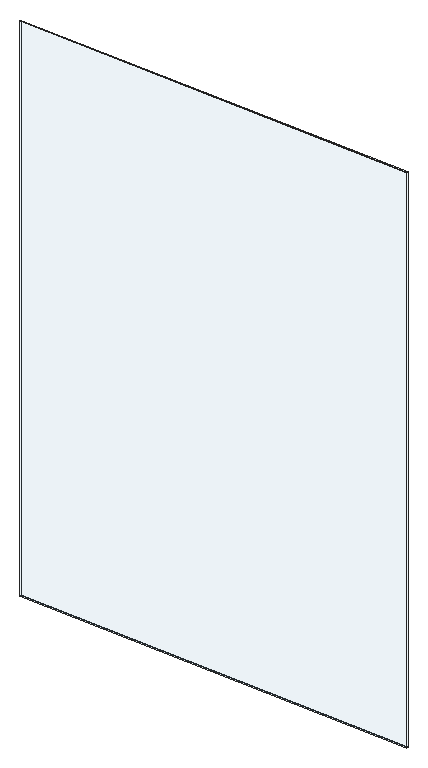
Revit family "ALSPEC McATHUR EVO 101.6&150 CT SGL GLZ", category Curtain Panels, Revit 2017
Family settings
  OmniClass Number = 23.25.20.14.11.11.17
  OmniClass Title = Infill Panels
  Always vertical = Yes
  Cut with Voids When Loaded = No
  Shared = No
Parameters
  YEAR = "2019"
  VERSION = "2.0"
  TODAYS DATE = "05.02.2019"
  SINGLE GLAZED THICKNESS = 30 mm
  CREATOR = " Scott Isouard"  # constant formula
  COMPANY = "Archvis"  # constant formula
  Assembly Code = ""
  ANZRC Compliant = yes
  A = if(SINGLE GLAZED THICKNESS > 14.5 mm, 14.5 mm, if(SINGLE GLAZED THICKNESS < 4 mm, 4 mm, SINGLE GLAZED THICKNESS))  # 14.5 mm
Reference planes
  plane 1 "Center (Front/Back)": y = 0
  plane 2: z = 0
  plane 3 "Center (Left/Right)": x = 0
  plane 4 "Left": x = -1500
  plane 5 "Right": x = 1500
  plane 6 "Top": z = 4000
  plane 7: z = -50
  plane 8: y = 7.25
  plane 9: y = -7.25
Forms (mm)
  Extrusion 1, solid, material "Glass"
    sketch origin (0, 0, 0) x (1, 0, 0) y (0, 1, 0)
      loop
        line (-1500, -7.25) -> (1500, -7.25) -> (1500, 7.25) -> (-1500, 7.25) -> (-1500, -7.25)
    from 0 to 4000
Text (mm)
  text "Exterior" at (-2351.972, 1416.179, 0), in view "Ref. Level"
  text "Exterior" at (0, 2290.741, 4406.713), in view "Left"
  text "Exterior" at (0, 1328.187, 4120.349), in view "Right"
Dimensions and locks
  equal spacing: plane 4 "Left", plane 3 "Center (Left/Right)", plane 5 "Right"
  locked: plane 7 to plane 2 at 50
  equal spacing: plane 9, plane 1 "Center (Front/Back)", plane 8
  "A": plane 9 to plane 8
  aligned and locked: Extrusion 1 to plane 6 "Top"
  aligned and locked: plane 4 "Left" to Extrusion 1 sketch curve
  aligned and locked: Extrusion 1 sketch curve to plane 5 "Right"
  aligned and locked: Extrusion 1 sketch curve to plane 8
  aligned and locked: plane 9 to Extrusion 1 sketch curve
